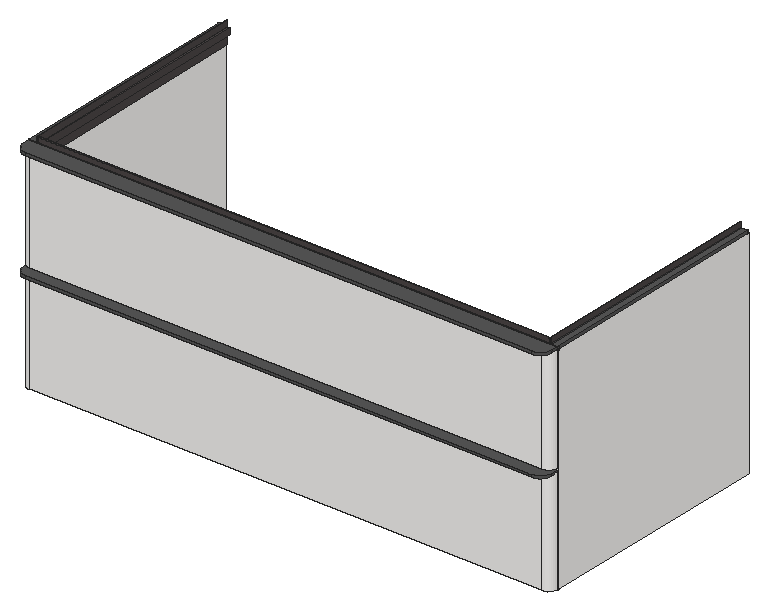
Revit family "vanity unit with 2 drawers for consoles with bowl", category Furniture, Revit 2019 (continued)
  Vanity unit 1180_550 with 2 drawers for consoles with bowl-54084000-Natural Oak-CHROME-400 | "42.7" | no | no | no | no | no | no | no | no | no | no | no | no | no | no | no | no | no | no | no | no | no | no | no | no | no | no | no | no | no | no | no | no | no | no | no | no | no | no | no | no | no | no | no | no | no | no | no | no | no | no | no | no | no | no | no | no | no | no | yes | no | no | no | no | no | no | no | no | no | no | no | no | no | "CHROME" | "https://pro.hansgrohe.com/articledetail--54084000" | "54084XXX" | "Natural Oak" | "Vanity unit 1180/550 with 2 drawers for consoles with bowl-54084000-Natural Oak-CHROME-400" | "Xelu Q Vanity unit Natural Oak 1180/550 with 2 drawers for consoles with bowl" | "Vanity unit 1180/550 with 2 drawers for consoles with bowl-54084000-Natural Oak-CHROME-400" | "{$CADENAS_DATA/23d-libs/hansgrohe/xelu_furniture/vanity_unit_2_drawers_for_consoles_with_bowl/vanity_unit_2_drawers_for_consoles_with_bowl.prj},372 {VTYP=3D},{NB=Vanity unit 1180/550 with 2 drawers for consoles with bowl-54084000-Natural Oak-CHROME-400},{LINA=Vanity unit 1180/550 with 2 drawers for consoles with bowl-54084000-Natural Oak-CHROME-400},{NN=Vanity unit with 2 drawers for consoles with bowl},{DATE=13.03.2023 03:03:55},{GEOMDATE=08.03.2023 13:53:52},{VERSION=},{LINEID=570},{WBVAR=LODLEVEL},{WBNUMERIC=}  {NB=Vanity unit 1180/550 with 2 drawers for consoles with bowl-54084000-Natural Oak-CHROME-400},{LINA=Vanity unit 1180/550 with 2 drawers for consoles with bowl-54084000-Natural Oak-CHROME-400},{KT=DUMMY},{IDNR=33},{ARTNR=54084000},{BASENUMBER=Vanity unit 1180/550 with 2 drawers for consoles with bowl},{MODEL=54084XXX},{OBERFLAECHE=Natural Oak},{SURFACE=CHROME},{L=1180},{LODLEVEL=400},{LODLEVELX='400','400','200','200'},{NAME=Xelu Q Vanity unit Natural Oak 1180/550 with 2 drawers for consoles with bowl},{PERMALINK=54084XXX},{OBJECTTYPE=Object (single object)},{BIMOBJECT=Sanitary: Compound units},{PRODUCTFAMILY=Xelu Q},{PRODUCTGROUP=vanity unit},{WEIGHT=42.7},{DESCRIPTION=Xelu Q Vanity unit Natural Oak 1180/550 with 2 drawers for consoles with bowl},{SPECIFICATION=},{PRODUCTURL=https://pro.hansgrohe.com/articledetail--54084000},{GTINCODE=4059625457030},{TENDERURL=},{IFC=Furnishing element},{ETIM=EC011381 | Bathroom furniture set},{UNICLASS2015=Pr_40_30_78_05 | Bathroom furniture},{OMNICLASS=23-21 19 15 33 13 | Residential Bathroom Specialty Casework},{MASTERFORMAT=12 35 30.23 | Bathroom Casework},{UNSPSC=56 | Furniture and Furnishings},{UNIFORMATII=E2010 | Fixed Furnishings},{DESIGN=Germany},{MANUFACTURER=Germany},{REGIONSET=Worldwide}" | "400" | "Vanity unit 1180/550 with 2 drawers for consoles with bowl-54084000-Natural Oak-CHROME-400" | 1180 | "4059625457030" | "Vanity unit 1180/550 with 2 drawers for consoles with bowl" | "54084000"
  Vanity unit 1180_550 with 2 drawers for consoles with bowl-54084670-Natural Oak-MATT_BLACK-200 | "42.7" | no | no | no | no | no | no | no | no | no | no | no | no | no | no | no | no | no | no | no | no | no | no | no | no | no | no | no | no | no | no | no | no | no | no | no | no | no | no | no | no | no | no | no | no | no | no | no | no | no | no | no | no | no | no | no | no | no | yes | no | no | no | no | no | no | no | no | no | no | no | no | no | no | "MATT_BLACK" | "https://pro.hansgrohe.com/articledetail--54084000" | "54084XXX" | "Natural Oak" | "Vanity unit 1180/550 with 2 drawers for consoles with bowl-54084670-Natural Oak-MATT_BLACK-200" | "Xelu Q Vanity unit Natural Oak 1180/550 with 2 drawers for consoles with bowl" | "Vanity unit 1180/550 with 2 drawers for consoles with bowl-54084670-Natural Oak-MATT_BLACK-200" | "{$CADENAS_DATA/23d-libs/hansgrohe/xelu_furniture/vanity_unit_2_drawers_for_consoles_with_bowl/vanity_unit_2_drawers_for_consoles_with_bowl.prj},380 {VTYP=3D},{NB=Vanity unit 1180/550 with 2 drawers for consoles with bowl-54084670-Natural Oak-MATT_BLACK-200},{LINA=Vanity unit 1180/550 with 2 drawers for consoles with bowl-54084670-Natural Oak-MATT_BLACK-200},{NN=Vanity unit with 2 drawers for consoles with bowl},{DATE=13.03.2023 03:03:55},{GEOMDATE=08.03.2023 13:53:52},{VERSION=},{LINEID=550},{WBVAR=LODLEVEL},{WBNUMERIC=}  {NB=Vanity unit 1180/550 with 2 drawers for consoles with bowl-54084670-Natural Oak-MATT_BLACK-200},{LINA=Vanity unit 1180/550 with 2 drawers for consoles with bowl-54084670-Natural Oak-MATT_BLACK-200},{KT=DUMMY},{IDNR=31},{ARTNR=54084670},{BASENUMBER=Vanity unit 1180/550 with 2 drawers for consoles with bowl},{MODEL=54084XXX},{OBERFLAECHE=Natural Oak},{SURFACE=MATT_BLACK},{L=1180},{LODLEVEL=200},{LODLEVELX='400','400','200','200'},{NAME=Xelu Q Vanity unit Natural Oak 1180/550 with 2 drawers for consoles with bowl},{PERMALINK=54084XXX},{OBJECTTYPE=Object (single object)},{BIMOBJECT=Sanitary: Compound units},{PRODUCTFAMILY=Xelu Q},{PRODUCTGROUP=vanity unit},{WEIGHT=42.7},{DESCRIPTION=Xelu Q Vanity unit Natural Oak 1180/550 with 2 drawers for consoles with bowl},{SPECIFICATION=},{PRODUCTURL=https://pro.hansgrohe.com/articledetail--54084000},{GTINCODE=4059625457030},{TENDERURL=},{IFC=Furnishing element},{ETIM=EC011381 | Bathroom furniture set},{UNICLASS2015=Pr_40_30_78_05 | Bathroom furniture},{OMNICLASS=23-21 19 15 33 13 | Residential Bathroom Specialty Casework},{MASTERFORMAT=12 35 30.23 | Bathroom Casework},{UNSPSC=56 | Furniture and Furnishings},{UNIFORMATII=E2010 | Fixed Furnishings},{DESIGN=Germany},{MANUFACTURER=Germany},{REGIONSET=Worldwide}" | "200" | "Vanity unit 1180/550 with 2 drawers for consoles with bowl-54084670-Natural Oak-MATT_BLACK-200" | 1180 | "4059625457030" | "Vanity unit 1180/550 with 2 drawers for consoles with bowl" | "54084670"
  Vanity unit 1180_550 with 2 drawers for consoles with bowl-54084670-Natural Oak-MATT_BLACK-400 | "42.7" | no | no | no | no | no | no | no | no | no | no | no | no | no | no | no | no | no | no | no | no | no | no | no | no | no | no | no | no | no | no | no | no | no | no | no | no | no | no | no | no | no | no | no | no | no | no | no | no | no | no | no | no | no | no | no | no | yes | no | no | no | no | no | no | no | no | no | no | no | no | no | no | no | "MATT_BLACK" | "https://pro.hansgrohe.com/articledetail--54084000" | "54084XXX" | "Natural Oak" | "Vanity unit 1180/550 with 2 drawers for consoles with bowl-54084670-Natural Oak-MATT_BLACK-400" | "Xelu Q Vanity unit Natural Oak 1180/550 with 2 drawers for consoles with bowl" | "Vanity unit 1180/550 with 2 drawers for consoles with bowl-54084670-Natural Oak-MATT_BLACK-400" | "{$CADENAS_DATA/23d-libs/hansgrohe/xelu_furniture/vanity_unit_2_drawers_for_consoles_with_bowl/vanity_unit_2_drawers_for_consoles_with_bowl.prj},380 {VTYP=3D},{NB=Vanity unit 1180/550 with 2 drawers for consoles with bowl-54084670-Natural Oak-MATT_BLACK-400},{LINA=Vanity unit 1180/550 with 2 drawers for consoles with bowl-54084670-Natural Oak-MATT_BLACK-400},{NN=Vanity unit with 2 drawers for consoles with bowl},{DATE=13.03.2023 03:03:55},{GEOMDATE=08.03.2023 13:53:52},{VERSION=},{LINEID=550},{WBVAR=LODLEVEL},{WBNUMERIC=}  {NB=Vanity unit 1180/550 with 2 drawers for consoles with bowl-54084670-Natural Oak-MATT_BLACK-400},{LINA=Vanity unit 1180/550 with 2 drawers for consoles with bowl-54084670-Natural Oak-MATT_BLACK-400},{KT=DUMMY},{IDNR=31},{ARTNR=54084670},{BASENUMBER=Vanity unit 1180/550 with 2 drawers for consoles with bowl},{MODEL=54084XXX},{OBERFLAECHE=Natural Oak},{SURFACE=MATT_BLACK},{L=1180},{LODLEVEL=400},{LODLEVELX='400','400','200','200'},{NAME=Xelu Q Vanity unit Natural Oak 1180/550 with 2 drawers for consoles with bowl},{PERMALINK=54084XXX},{OBJECTTYPE=Object (single object)},{BIMOBJECT=Sanitary: Compound units},{PRODUCTFAMILY=Xelu Q},{PRODUCTGROUP=vanity unit},{WEIGHT=42.7},{DESCRIPTION=Xelu Q Vanity unit Natural Oak 1180/550 with 2 drawers for consoles with bowl},{SPECIFICATION=},{PRODUCTURL=https://pro.hansgrohe.com/articledetail--54084000},{GTINCODE=4059625457030},{TENDERURL=},{IFC=Furnishing element},{ETIM=EC011381 | Bathroom furniture set},{UNICLASS2015=Pr_40_30_78_05 | Bathroom furniture},{OMNICLASS=23-21 19 15 33 13 | Residential Bathroom Specialty Casework},{MASTERFORMAT=12 35 30.23 | Bathroom Casework},{UNSPSC=56 | Furniture and Furnishings},{UNIFORMATII=E2010 | Fixed Furnishings},{DESIGN=Germany},{MANUFACTURER=Germany},{REGIONSET=Worldwide}" | "400" | "Vanity unit 1180/550 with 2 drawers for consoles with bowl-54084670-Natural Oak-MATT_BLACK-400" | 1180 | "4059625457030" | "Vanity unit 1180/550 with 2 drawers for consoles with bowl" | "54084670"
  Vanity unit 1180_550 with 2 drawers for consoles with bowl-54084700-Natural Oak-MATT_WHITE-200 | "42.7" | no | no | no | no | no | no | no | no | no | no | no | no | no | no | no | no | no | no | no | no | no | no | no | no | no | no | no | no | no | no | no | no | no | no | no | no | no | no | no | no | no | no | no | no | no | no | no | no | no | no | no | no | no | no | no | yes | no | no | no | no | no | no | no | no | no | no | no | no | no | no | no | no | "MATT_WHITE" | "https://pro.hansgrohe.com/articledetail--54084000" | "54084XXX" | "Natural Oak" | "Vanity unit 1180/550 with 2 drawers for consoles with bowl-54084700-Natural Oak-MATT_WHITE-200" | "Xelu Q Vanity unit Natural Oak 1180/550 with 2 drawers for consoles with bowl" | "Vanity unit 1180/550 with 2 drawers for consoles with bowl-54084700-Natural Oak-MATT_WHITE-200" | "{$CADENAS_DATA/23d-libs/hansgrohe/xelu_furniture/vanity_unit_2_drawers_for_consoles_with_bowl/vanity_unit_2_drawers_for_consoles_with_bowl.prj},380 {VTYP=3D},{NB=Vanity unit 1180/550 with 2 drawers for consoles with bowl-54084700-Natural Oak-MATT_WHITE-200},{LINA=Vanity unit 1180/550 with 2 drawers for consoles with bowl-54084700-Natural Oak-MATT_WHITE-200},{NN=Vanity unit with 2 drawers for consoles with bowl},{DATE=13.03.2023 03:03:55},{GEOMDATE=08.03.2023 13:53:52},{VERSION=},{LINEID=560},{WBVAR=LODLEVEL},{WBNUMERIC=}  {NB=Vanity unit 1180/550 with 2 drawers for consoles with bowl-54084700-Natural Oak-MATT_WHITE-200},{LINA=Vanity unit 1180/550 with 2 drawers for consoles with bowl-54084700-Natural Oak-MATT_WHITE-200},{KT=DUMMY},{IDNR=32},{ARTNR=54084700},{BASENUMBER=Vanity unit 1180/550 with 2 drawers for consoles with bowl},{MODEL=54084XXX},{OBERFLAECHE=Natural Oak},{SURFACE=MATT_WHITE},{L=1180},{LODLEVEL=200},{LODLEVELX='400','400','200','200'},{NAME=Xelu Q Vanity unit Natural Oak 1180/550 with 2 drawers for consoles with bowl},{PERMALINK=54084XXX},{OBJECTTYPE=Object (single object)},{BIMOBJECT=Sanitary: Compound units},{PRODUCTFAMILY=Xelu Q},{PRODUCTGROUP=vanity unit},{WEIGHT=42.7},{DESCRIPTION=Xelu Q Vanity unit Natural Oak 1180/550 with 2 drawers for consoles with bowl},{SPECIFICATION=},{PRODUCTURL=https://pro.hansgrohe.com/articledetail--54084000},{GTINCODE=4059625457030},{TENDERURL=},{IFC=Furnishing element},{ETIM=EC011381 | Bathroom furniture set},{UNICLASS2015=Pr_40_30_78_05 | Bathroom furniture},{OMNICLASS=23-21 19 15 33 13 | Residential Bathroom Specialty Casework},{MASTERFORMAT=12 35 30.23 | Bathroom Casework},{UNSPSC=56 | Furniture and Furnishings},{UNIFORMATII=E2010 | Fixed Furnishings},{DESIGN=Germany},{MANUFACTURER=Germany},{REGIONSET=Worldwide}" | "200" | "Vanity unit 1180/550 with 2 drawers for consoles with bowl-54084700-Natural Oak-MATT_WHITE-200" | 1180 | "4059625457030" | "Vanity unit 1180/550 with 2 drawers for consoles with bowl" | "54084700"
  Vanity unit 1180_550 with 2 drawers for consoles with bowl-54084700-Natural Oak-MATT_WHITE-400 | "42.7" | no | no | no | no | no | no | no | no | no | no | no | no | no | no | no | no | no | no | no | no | no | no | no | no | no | no | no | no | no | no | no | no | no | no | no | no | no | no | no | no | no | no | no | no | no | no | no | no | no | no | no | no | no | no | yes | no | no | no | no | no | no | no | no | no | no | no | no | no | no | no | no | no | "MATT_WHITE" | "https://pro.hansgrohe.com/articledetail--54084000" | "54084XXX" | "Natural Oak" | "Vanity unit 1180/550 with 2 drawers for consoles with bowl-54084700-Natural Oak-MATT_WHITE-400" | "Xelu Q Vanity unit Natural Oak 1180/550 with 2 drawers for consoles with bowl" | "Vanity unit 1180/550 with 2 drawers for consoles with bowl-54084700-Natural Oak-MATT_WHITE-400" | "{$CADENAS_DATA/23d-libs/hansgrohe/xelu_furniture/vanity_unit_2_drawers_for_consoles_with_bowl/vanity_unit_2_drawers_for_consoles_with_bowl.prj},380 {VTYP=3D},{NB=Vanity unit 1180/550 with 2 drawers for consoles with bowl-54084700-Natural Oak-MATT_WHITE-400},{LINA=Vanity unit 1180/550 with 2 drawers for consoles with bowl-54084700-Natural Oak-MATT_WHITE-400},{NN=Vanity unit with 2 drawers for consoles with bowl},{DATE=13.03.2023 03:03:55},{GEOMDATE=08.03.2023 13:53:52},{VERSION=},{LINEID=560},{WBVAR=LODLEVEL},{WBNUMERIC=}  {NB=Vanity unit 1180/550 with 2 drawers for consoles with bowl-54084700-Natural Oak-MATT_WHITE-400},{LINA=Vanity unit 1180/550 with 2 drawers for consoles with bowl-54084700-Natural Oak-MATT_WHITE-400},{KT=DUMMY},{IDNR=32},{ARTNR=54084700},{BASENUMBER=Vanity unit 1180/550 with 2 drawers for consoles with bowl},{MODEL=54084XXX},{OBERFLAECHE=Natural Oak},{SURFACE=MATT_WHITE},{L=1180},{LODLEVEL=400},{LODLEVELX='400','400','200','200'},{NAME=Xelu Q Vanity unit Natural Oak 1180/550 with 2 drawers for consoles with bowl},{PERMALINK=54084XXX},{OBJECTTYPE=Object (single object)},{BIMOBJECT=Sanitary: Compound units},{PRODUCTFAMILY=Xelu Q},{PRODUCTGROUP=vanity unit},{WEIGHT=42.7},{DESCRIPTION=Xelu Q Vanity unit Natural Oak 1180/550 with 2 drawers for consoles with bowl},{SPECIFICATION=},{PRODUCTURL=https://pro.hansgrohe.com/articledetail--54084000},{GTINCODE=4059625457030},{TENDERURL=},{IFC=Furnishing element},{ETIM=EC011381 | Bathroom furniture set},{UNICLASS2015=Pr_40_30_78_05 | Bathroom furniture},{OMNICLASS=23-21 19 15 33 13 | Residential Bathroom Specialty Casework},{MASTERFORMAT=12 35 30.23 | Bathroom Casework},{UNSPSC=56 | Furniture and Furnishings},{UNIFORMATII=E2010 | Fixed Furnishings},{DESIGN=Germany},{MANUFACTURER=Germany},{REGIONSET=Worldwide}" | "400" | "Vanity unit 1180/550 with 2 drawers for consoles with bowl-54084700-Natural Oak-MATT_WHITE-400" | 1180 | "4059625457030" | "Vanity unit 1180/550 with 2 drawers for consoles with bowl" | "54084700"
  Vanity unit 1180_550 with 2 drawers for consoles with bowl-54085000-Dark Walnut-CHROME-200 | "42.7" | no | no | no | no | no | no | no | no | no | no | no | no | no | no | no | no | no | no | no | no | no | no | no | no | no | no | no | no | no | no | no | no | no | no | no | no | no | no | no | no | no | no | no | no | no | no | no | no | no | no | no | no | no | yes | no | no | no | no | no | no | no | no | no | no | no | no | no | no | no | no | no | no | "CHROME" | "https://pro.hansgrohe.com/articledetail--54085000" | "54085XXX" | "Dark Walnut" | "Vanity unit 1180/550 with 2 drawers for consoles with bowl-54085000-Dark Walnut-CHROME-200" | "Xelu Q Vanity unit Dark Walnut 1180/550 with 2 drawers for consoles with bowl" | "Vanity unit 1180/550 with 2 drawers for consoles with bowl-54085000-Dark Walnut-CHROME-200" | "{$CADENAS_DATA/23d-libs/hansgrohe/xelu_furniture/vanity_unit_2_drawers_for_consoles_with_bowl/vanity_unit_2_drawers_for_consoles_with_bowl.prj},372 {VTYP=3D},{NB=Vanity unit 1180/550 with 2 drawers for consoles with bowl-54085000-Dark Walnut-CHROME-200},{LINA=Vanity unit 1180/550 with 2 drawers for consoles with bowl-54085000-Dark Walnut-CHROME-200},{NN=Vanity unit with 2 drawers for consoles with bowl},{DATE=13.03.2023 03:03:55},{GEOMDATE=08.03.2023 13:53:52},{VERSION=},{LINEID=580},{WBVAR=LODLEVEL},{WBNUMERIC=}  {NB=Vanity unit 1180/550 with 2 drawers for consoles with bowl-54085000-Dark Walnut-CHROME-200},{LINA=Vanity unit 1180/550 with 2 drawers for consoles with bowl-54085000-Dark Walnut-CHROME-200},{KT=DUMMY},{IDNR=34},{ARTNR=54085000},{BASENUMBER=Vanity unit 1180/550 with 2 drawers for consoles with bowl},{MODEL=54085XXX},{OBERFLAECHE=Dark Walnut},{SURFACE=CHROME},{L=1180},{LODLEVEL=200},{LODLEVELX='400','400','200','200'},{NAME=Xelu Q Vanity unit Dark Walnut 1180/550 with 2 drawers for consoles with bowl},{PERMALINK=54085XXX},{OBJECTTYPE=Object (single object)},{BIMOBJECT=Sanitary: Compound units},{PRODUCTFAMILY=Xelu Q},{PRODUCTGROUP=vanity unit},{WEIGHT=42.7},{DESCRIPTION=Xelu Q Vanity unit Dark Walnut 1180/550 with 2 drawers for consoles with bowl},{SPECIFICATION=},{PRODUCTURL=https://pro.hansgrohe.com/articledetail--54085000},{GTINCODE=4059625457009},{TENDERURL=},{IFC=Furnishing element},{ETIM=EC011381 | Bathroom furniture set},{UNICLASS2015=Pr_40_30_78_05 | Bathroom furniture},{OMNICLASS=23-21 19 15 33 13 | Residential Bathroom Specialty Casework},{MASTERFORMAT=12 35 30.23 | Bathroom Casework},{UNSPSC=56 | Furniture and Furnishings},{UNIFORMATII=E2010 | Fixed Furnishings},{DESIGN=Germany},{MANUFACTURER=Germany},{REGIONSET=Worldwide}" | "200" | "Vanity unit 1180/550 with 2 drawers for consoles with bowl-54085000-Dark Walnut-CHROME-200" | 1180 | "4059625457009" | "Vanity unit 1180/550 with 2 drawers for consoles with bowl" | "54085000"
  Vanity unit 1180_550 with 2 drawers for consoles with bowl-54085000-Dark Walnut-CHROME-400 | "42.7" | no | no | no | no | no | no | no | no | no | no | no | no | no | no | no | no | no | no | no | no | no | no | no | no | no | no | no | no | no | no | no | no | no | no | no | no | no | no | no | no | no | no | no | no | no | no | no | no | no | no | no | no | yes | no | no | no | no | no | no | no | no | no | no | no | no | no | no | no | no | no | no | no | "CHROME" | "https://pro.hansgrohe.com/articledetail--54085000" | "54085XXX" | "Dark Walnut" | "Vanity unit 1180/550 with 2 drawers for consoles with bowl-54085000-Dark Walnut-CHROME-400" | "Xelu Q Vanity unit Dark Walnut 1180/550 with 2 drawers for consoles with bowl" | "Vanity unit 1180/550 with 2 drawers for consoles with bowl-54085000-Dark Walnut-CHROME-400" | "{$CADENAS_DATA/23d-libs/hansgrohe/xelu_furniture/vanity_unit_2_drawers_for_consoles_with_bowl/vanity_unit_2_drawers_for_consoles_with_bowl.prj},372 {VTYP=3D},{NB=Vanity unit 1180/550 with 2 drawers for consoles with bowl-54085000-Dark Walnut-CHROME-400},{LINA=Vanity unit 1180/550 with 2 drawers for consoles with bowl-54085000-Dark Walnut-CHROME-400},{NN=Vanity unit with 2 drawers for consoles with bowl},{DATE=13.03.2023 03:03:55},{GEOMDATE=08.03.2023 13:53:52},{VERSION=},{LINEID=580},{WBVAR=LODLEVEL},{WBNUMERIC=}  {NB=Vanity unit 1180/550 with 2 drawers for consoles with bowl-54085000-Dark Walnut-CHROME-400},{LINA=Vanity unit 1180/550 with 2 drawers for consoles with bowl-54085000-Dark Walnut-CHROME-400},{KT=DUMMY},{IDNR=34},{ARTNR=54085000},{BASENUMBER=Vanity unit 1180/550 with 2 drawers for consoles with bowl},{MODEL=54085XXX},{OBERFLAECHE=Dark Walnut},{SURFACE=CHROME},{L=1180},{LODLEVEL=400},{LODLEVELX='400','400','200','200'},{NAME=Xelu Q Vanity unit Dark Walnut 1180/550 with 2 drawers for consoles with bowl},{PERMALINK=54085XXX},{OBJECTTYPE=Object (single object)},{BIMOBJECT=Sanitary: Compound units},{PRODUCTFAMILY=Xelu Q},{PRODUCTGROUP=vanity unit},{WEIGHT=42.7},{DESCRIPTION=Xelu Q Vanity unit Dark Walnut 1180/550 with 2 drawers for consoles with bowl},{SPECIFICATION=},{PRODUCTURL=https://pro.hansgrohe.com/articledetail--54085000},{GTINCODE=4059625457009},{TENDERURL=},{IFC=Furnishing element},{ETIM=EC011381 | Bathroom furniture set},{UNICLASS2015=Pr_40_30_78_05 | Bathroom furniture},{OMNICLASS=23-21 19 15 33 13 | Residential Bathroom Specialty Casework},{MASTERFORMAT=12 35 30.23 | Bathroom Casework},{UNSPSC=56 | Furniture and Furnishings},{UNIFORMATII=E2010 | Fixed Furnishings},{DESIGN=Germany},{MANUFACTURER=Germany},{REGIONSET=Worldwide}" | "400" | "Vanity unit 1180/550 with 2 drawers for consoles with bowl-54085000-Dark Walnut-CHROME-400" | 1180 | "4059625457009" | "Vanity unit 1180/550 with 2 drawers for consoles with bowl" | "54085000"
  Vanity unit 1180_550 with 2 drawers for consoles with bowl-54085670-Dark Walnut-MATT_BLACK-200 | "42.7" | no | no | no | no | no | no | no | no | no | no | no | no | no | no | no | no | no | no | no | no | no | no | no | no | no | no | no | no | no | no | no | no | no | no | no | no | no | no | no | no | no | no | no | no | no | no | no | no | no | no | no | yes | no | no | no | no | no | no | no | no | no | no | no | no | no | no | no | no | no | no | no | no | "MATT_BLACK" | "https://pro.hansgrohe.com/articledetail--54085000" | "54085XXX" | "Dark Walnut" | "Vanity unit 1180/550 with 2 drawers for consoles with bowl-54085670-Dark Walnut-MATT_BLACK-200" | "Xelu Q Vanity unit Dark Walnut 1180/550 with 2 drawers for consoles with bowl" | "Vanity unit 1180/550 with 2 drawers for consoles with bowl-54085670-Dark Walnut-MATT_BLACK-200" | "{$CADENAS_DATA/23d-libs/hansgrohe/xelu_furniture/vanity_unit_2_drawers_for_consoles_with_bowl/vanity_unit_2_drawers_for_consoles_with_bowl.prj},380 {VTYP=3D},{NB=Vanity unit 1180/550 with 2 drawers for consoles with bowl-54085670-Dark Walnut-MATT_BLACK-200},{LINA=Vanity unit 1180/550 with 2 drawers for consoles with bowl-54085670-Dark Walnut-MATT_BLACK-200},{NN=Vanity unit with 2 drawers for consoles with bowl},{DATE=13.03.2023 03:03:55},{GEOMDATE=08.03.2023 13:53:52},{VERSION=},{LINEID=590},{WBVAR=LODLEVEL},{WBNUMERIC=}  {NB=Vanity unit 1180/550 with 2 drawers for consoles with bowl-54085670-Dark Walnut-MATT_BLACK-200},{LINA=Vanity unit 1180/550 with 2 drawers for consoles with bowl-54085670-Dark Walnut-MATT_BLACK-200},{KT=DUMMY},{IDNR=35},{ARTNR=54085670},{BASENUMBER=Vanity unit 1180/550 with 2 drawers for consoles with bowl},{MODEL=54085XXX},{OBERFLAECHE=Dark Walnut},{SURFACE=MATT_BLACK},{L=1180},{LODLEVEL=200},{LODLEVELX='400','400','200','200'},{NAME=Xelu Q Vanity unit Dark Walnut 1180/550 with 2 drawers for consoles with bowl},{PERMALINK=54085XXX},{OBJECTTYPE=Object (single object)},{BIMOBJECT=Sanitary: Compound units},{PRODUCTFAMILY=Xelu Q},{PRODUCTGROUP=vanity unit},{WEIGHT=42.7},{DESCRIPTION=Xelu Q Vanity unit Dark Walnut 1180/550 with 2 drawers for consoles with bowl},{SPECIFICATION=},{PRODUCTURL=https://pro.hansgrohe.com/articledetail--54085000},{GTINCODE=4059625457009},{TENDERURL=},{IFC=Furnishing element},{ETIM=EC011381 | Bathroom furniture set},{UNICLASS2015=Pr_40_30_78_05 | Bathroom furniture},{OMNICLASS=23-21 19 15 33 13 | Residential Bathroom Specialty Casework},{MASTERFORMAT=12 35 30.23 | Bathroom Casework},{UNSPSC=56 | Furniture and Furnishings},{UNIFORMATII=E2010 | Fixed Furnishings},{DESIGN=Germany},{MANUFACTURER=Germany},{REGIONSET=Worldwide}" | "200" | "Vanity unit 1180/550 with 2 drawers for consoles with bowl-54085670-Dark Walnut-MATT_BLACK-200" | 1180 | "4059625457009" | "Vanity unit 1180/550 with 2 drawers for consoles with bowl" | "54085670"
  Vanity unit 1180_550 with 2 drawers for consoles with bowl-54085670-Dark Walnut-MATT_BLACK-400 | "42.7" | no | no | no | no | no | no | no | no | no | no | no | no | no | no | no | no | no | no | no | no | no | no | no | no | no | no | no | no | no | no | no | no | no | no | no | no | no | no | no | no | no | no | no | no | no | no | no | no | no | no | yes | no | no | no | no | no | no | no | no | no | no | no | no | no | no | no | no | no | no | no | no | no | "MATT_BLACK" | "https://pro.hansgrohe.com/articledetail--54085000" | "54085XXX" | "Dark Walnut" | "Vanity unit 1180/550 with 2 drawers for consoles with bowl-54085670-Dark Walnut-MATT_BLACK-400" | "Xelu Q Vanity unit Dark Walnut 1180/550 with 2 drawers for consoles with bowl" | "Vanity unit 1180/550 with 2 drawers for consoles with bowl-54085670-Dark Walnut-MATT_BLACK-400" | "{$CADENAS_DATA/23d-libs/hansgrohe/xelu_furniture/vanity_unit_2_drawers_for_consoles_with_bowl/vanity_unit_2_drawers_for_consoles_with_bowl.prj},380 {VTYP=3D},{NB=Vanity unit 1180/550 with 2 drawers for consoles with bowl-54085670-Dark Walnut-MATT_BLACK-400},{LINA=Vanity unit 1180/550 with 2 drawers for consoles with bowl-54085670-Dark Walnut-MATT_BLACK-400},{NN=Vanity unit with 2 drawers for consoles with bowl},{DATE=13.03.2023 03:03:55},{GEOMDATE=08.03.2023 13:53:52},{VERSION=},{LINEID=590},{WBVAR=LODLEVEL},{WBNUMERIC=}  {NB=Vanity unit 1180/550 with 2 drawers for consoles with bowl-54085670-Dark Walnut-MATT_BLACK-400},{LINA=Vanity unit 1180/550 with 2 drawers for consoles with bowl-54085670-Dark Walnut-MATT_BLACK-400},{KT=DUMMY},{IDNR=35},{ARTNR=54085670},{BASENUMBER=Vanity unit 1180/550 with 2 drawers for consoles with bowl},{MODEL=54085XXX},{OBERFLAECHE=Dark Walnut},{SURFACE=MATT_BLACK},{L=1180},{LODLEVEL=400},{LODLEVELX='400','400','200','200'},{NAME=Xelu Q Vanity unit Dark Walnut 1180/550 with 2 drawers for consoles with bowl},{PERMALINK=54085XXX},{OBJECTTYPE=Object (single object)},{BIMOBJECT=Sanitary: Compound units},{PRODUCTFAMILY=Xelu Q},{PRODUCTGROUP=vanity unit},{WEIGHT=42.7},{DESCRIPTION=Xelu Q Vanity unit Dark Walnut 1180/550 with 2 drawers for consoles with bowl},{SPECIFICATION=},{PRODUCTURL=https://pro.hansgrohe.com/articledetail--54085000},{GTINCODE=4059625457009},{TENDERURL=},{IFC=Furnishing element},{ETIM=EC011381 | Bathroom furniture set},{UNICLASS2015=Pr_40_30_78_05 | Bathroom furniture},{OMNICLASS=23-21 19 15 33 13 | Residential Bathroom Specialty Casework},{MASTERFORMAT=12 35 30.23 | Bathroom Casework},{UNSPSC=56 | Furniture and Furnishings},{UNIFORMATII=E2010 | Fixed Furnishings},{DESIGN=Germany},{MANUFACTURER=Germany},{REGIONSET=Worldwide}" | "400" | "Vanity unit 1180/550 with 2 drawers for consoles with bowl-54085670-Dark Walnut-MATT_BLACK-400" | 1180 | "4059625457009" | "Vanity unit 1180/550 with 2 drawers for consoles with bowl" | "54085670"
  Vanity unit 1180_550 with 2 drawers for consoles with bowl-54085700-Dark Walnut-MATT_WHITE-200 | "42.7" | no | no | no | no | no | no | no | no | no | no | no | no | no | no | no | no | no | no | no | no | no | no | no | no | no | no | no | no | no | no | no | no | no | no | no | no | no | no | no | no | no | no | no | no | no | no | no | no | no | yes | no | no | no | no | no | no | no | no | no | no | no | no | no | no | no | no | no | no | no | no | no | no | "MATT_WHITE" | "https://pro.hansgrohe.com/articledetail--54085000" | "54085XXX" | "Dark Walnut" | "Vanity unit 1180/550 with 2 drawers for consoles with bowl-54085700-Dark Walnut-MATT_WHITE-200" | "Xelu Q Vanity unit Dark Walnut 1180/550 with 2 drawers for consoles with bowl" | "Vanity unit 1180/550 with 2 drawers for consoles with bowl-54085700-Dark Walnut-MATT_WHITE-200" | "{$CADENAS_DATA/23d-libs/hansgrohe/xelu_furniture/vanity_unit_2_drawers_for_consoles_with_bowl/vanity_unit_2_drawers_for_consoles_with_bowl.prj},380 {VTYP=3D},{NB=Vanity unit 1180/550 with 2 drawers for consoles with bowl-54085700-Dark Walnut-MATT_WHITE-200},{LINA=Vanity unit 1180/550 with 2 drawers for consoles with bowl-54085700-Dark Walnut-MATT_WHITE-200},{NN=Vanity unit with 2 drawers for consoles with bowl},{DATE=13.03.2023 03:03:55},{GEOMDATE=08.03.2023 13:53:52},{VERSION=},{LINEID=600},{WBVAR=LODLEVEL},{WBNUMERIC=}  {NB=Vanity unit 1180/550 with 2 drawers for consoles with bowl-54085700-Dark Walnut-MATT_WHITE-200},{LINA=Vanity unit 1180/550 with 2 drawers for consoles with bowl-54085700-Dark Walnut-MATT_WHITE-200},{KT=DUMMY},{IDNR=36},{ARTNR=54085700},{BASENUMBER=Vanity unit 1180/550 with 2 drawers for consoles with bowl},{MODEL=54085XXX},{OBERFLAECHE=Dark Walnut},{SURFACE=MATT_WHITE},{L=1180},{LODLEVEL=200},{LODLEVELX='400','400','200','200'},{NAME=Xelu Q Vanity unit Dark Walnut 1180/550 with 2 drawers for consoles with bowl},{PERMALINK=54085XXX},{OBJECTTYPE=Object (single object)},{BIMOBJECT=Sanitary: Compound units},{PRODUCTFAMILY=Xelu Q},{PRODUCTGROUP=vanity unit},{WEIGHT=42.7},{DESCRIPTION=Xelu Q Vanity unit Dark Walnut 1180/550 with 2 drawers for consoles with bowl},{SPECIFICATION=},{PRODUCTURL=https://pro.hansgrohe.com/articledetail--54085000},{GTINCODE=4059625457009},{TENDERURL=},{IFC=Furnishing element},{ETIM=EC011381 | Bathroom furniture set},{UNICLASS2015=Pr_40_30_78_05 | Bathroom furniture},{OMNICLASS=23-21 19 15 33 13 | Residential Bathroom Specialty Casework},{MASTERFORMAT=12 35 30.23 | Bathroom Casework},{UNSPSC=56 | Furniture and Furnishings},{UNIFORMATII=E2010 | Fixed Furnishings},{DESIGN=Germany},{MANUFACTURER=Germany},{REGIONSET=Worldwide}" | "200" | "Vanity unit 1180/550 with 2 drawers for consoles with bowl-54085700-Dark Walnut-MATT_WHITE-200" | 1180 | "4059625457009" | "Vanity unit 1180/550 with 2 drawers for consoles with bowl" | "54085700"
  Vanity unit 1180_550 with 2 drawers for consoles with bowl-54085700-Dark Walnut-MATT_WHITE-400 | "42.7" | no | no | no | no | no | no | no | no | no | no | no | no | no | no | no | no | no | no | no | no | no | no | no | no | no | no | no | no | no | no | no | no | no | no | no | no | no | no | no | no | no | no | no | no | no | no | no | no | yes | no | no | no | no | no | no | no | no | no | no | no | no | no | no | no | no | no | no | no | no | no | no | no | "MATT_WHITE" | "https://pro.hansgrohe.com/articledetail--54085000" | "54085XXX" | "Dark Walnut" | "Vanity unit 1180/550 with 2 drawers for consoles with bowl-54085700-Dark Walnut-MATT_WHITE-400" | "Xelu Q Vanity unit Dark Walnut 1180/550 with 2 drawers for consoles with bowl" | "Vanity unit 1180/550 with 2 drawers for consoles with bowl-54085700-Dark Walnut-MATT_WHITE-400" | "{$CADENAS_DATA/23d-libs/hansgrohe/xelu_furniture/vanity_unit_2_drawers_for_consoles_with_bowl/vanity_unit_2_drawers_for_consoles_with_bowl.prj},380 {VTYP=3D},{NB=Vanity unit 1180/550 with 2 drawers for consoles with bowl-54085700-Dark Walnut-MATT_WHITE-400},{LINA=Vanity unit 1180/550 with 2 drawers for consoles with bowl-54085700-Dark Walnut-MATT_WHITE-400},{NN=Vanity unit with 2 drawers for consoles with bowl},{DATE=13.03.2023 03:03:55},{GEOMDATE=08.03.2023 13:53:52},{VERSION=},{LINEID=600},{WBVAR=LODLEVEL},{WBNUMERIC=}  {NB=Vanity unit 1180/550 with 2 drawers for consoles with bowl-54085700-Dark Walnut-MATT_WHITE-400},{LINA=Vanity unit 1180/550 with 2 drawers for consoles with bowl-54085700-Dark Walnut-MATT_WHITE-400},{KT=DUMMY},{IDNR=36},{ARTNR=54085700},{BASENUMBER=Vanity unit 1180/550 with 2 drawers for consoles with bowl},{MODEL=54085XXX},{OBERFLAECHE=Dark Walnut},{SURFACE=MATT_WHITE},{L=1180},{LODLEVEL=400},{LODLEVELX='400','400','200','200'},{NAME=Xelu Q Vanity unit Dark Walnut 1180/550 with 2 drawers for consoles with bowl},{PERMALINK=54085XXX},{OBJECTTYPE=Object (single object)},{BIMOBJECT=Sanitary: Compound units},{PRODUCTFAMILY=Xelu Q},{PRODUCTGROUP=vanity unit},{WEIGHT=42.7},{DESCRIPTION=Xelu Q Vanity unit Dark Walnut 1180/550 with 2 drawers for consoles with bowl},{SPECIFICATION=},{PRODUCTURL=https://pro.hansgrohe.com/articledetail--54085000},{GTINCODE=4059625457009},{TENDERURL=},{IFC=Furnishing element},{ETIM=EC011381 | Bathroom furniture set},{UNICLASS2015=Pr_40_30_78_05 | Bathroom furniture},{OMNICLASS=23-21 19 15 33 13 | Residential Bathroom Specialty Casework},{MASTERFORMAT=12 35 30.23 | Bathroom Casework},{UNSPSC=56 | Furniture and Furnishings},{UNIFORMATII=E2010 | Fixed Furnishings},{DESIGN=Germany},{MANUFACTURER=Germany},{REGIONSET=Worldwide}" | "400" | "Vanity unit 1180/550 with 2 drawers for consoles with bowl-54085700-Dark Walnut-MATT_WHITE-400" | 1180 | "4059625457009" | "Vanity unit 1180/550 with 2 drawers for consoles with bowl" | "54085700"
  Vanity unit 780_550 with 2 drawers for consoles with bowl-54074000-High Gloss White-CHROME-200 | "31.3" | no | no | no | no | no | no | no | no | no | no | no | no | no | no | no | no | no | no | no | no | no | no | no | no | no | no | no | no | no | no | no | no | no | no | no | no | no | no | no | no | no | no | no | no | no | no | no | yes | no | no | no | no | no | no | no | no | no | no | no | no | no | no | no | no | no | no | no | no | no | no | no | no | "CHROME" | "https://pro.hansgrohe.com/articledetail--54074000" | "54074XXX" | "High Gloss White" | "Vanity unit 780/550 with 2 drawers for consoles with bowl-54074000-High Gloss White-CHROME-200" | "Xelu Q Vanity unit High Gloss White 780/550 with 2 drawers for consoles with bowl" | "Vanity unit 780/550 with 2 drawers for consoles with bowl-54074000-High Gloss White-CHROME-200" | "{$CADENAS_DATA/23d-libs/hansgrohe/xelu_furniture/vanity_unit_2_drawers_for_consoles_with_bowl/vanity_unit_2_drawers_for_consoles_with_bowl.prj},380 {VTYP=3D},{NB=Vanity unit 780/550 with 2 drawers for consoles with bowl-54074000-High Gloss White-CHROME-200},{LINA=Vanity unit 780/550 with 2 drawers for consoles with bowl-54074000-High Gloss White-CHROME-200},{NN=Vanity unit with 2 drawers for consoles with bowl},{DATE=13.03.2023 03:03:55},{GEOMDATE=08.03.2023 13:53:52},{VERSION=},{LINEID=270},{WBVAR=LODLEVEL},{WBNUMERIC=}  {NB=Vanity unit 780/550 with 2 drawers for consoles with bowl-54074000-High Gloss White-CHROME-200},{LINA=Vanity unit 780/550 with 2 drawers for consoles with bowl-54074000-High Gloss White-CHROME-200},{KT=DUMMY},{IDNR=3},{ARTNR=54074000},{BASENUMBER=Vanity unit 780/550 with 2 drawers for consoles with bowl},{MODEL=54074XXX},{OBERFLAECHE=High Gloss White},{SURFACE=CHROME},{L=780},{LODLEVEL=200},{LODLEVELX='400','400','200','200'},{NAME=Xelu Q Vanity unit High Gloss White 780/550 with 2 drawers for consoles with bowl},{PERMALINK=54074XXX},{OBJECTTYPE=Object (single object)},{BIMOBJECT=Sanitary: Compound units},{PRODUCTFAMILY=Xelu Q},{PRODUCTGROUP=vanity unit},{WEIGHT=31.3},{DESCRIPTION=Xelu Q Vanity unit High Gloss White 780/550 with 2 drawers for consoles with bowl},{SPECIFICATION=},{PRODUCTURL=https://pro.hansgrohe.com/articledetail--54074000},{GTINCODE=4059625456538},{TENDERURL=},{IFC=Furnishing element},{ETIM=EC011381 | Bathroom furniture set},{UNICLASS2015=Pr_40_30_78_05 | Bathroom furniture},{OMNICLASS=23-21 19 15 33 13 | Residential Bathroom Specialty Casework},{MASTERFORMAT=12 35 30.23 | Bathroom Casework},{UNSPSC=56 | Furniture and Furnishings},{UNIFORMATII=E2010 | Fixed Furnishings},{DESIGN=Germany},{MANUFACTURER=Germany},{REGIONSET=Worldwide}" | "200" | "Vanity unit 780/550 with 2 drawers for consoles with bowl-54074000-High Gloss White-CHROME-200" | 780 | "4059625456538" | "Vanity unit 780/550 with 2 drawers for consoles with bowl" | "54074000"
  Vanity unit 780_550 with 2 drawers for consoles with bowl-54074000-High Gloss White-CHROME-400 | "31.3" | no | no | no | no | no | no | no | no | no | no | no | no | no | no | no | no | no | no | no | no | no | no | no | no | no | no | no | no | no | no | no | no | no | no | no | no | no | no | no | no | no | no | no | no | no | no | yes | no | no | no | no | no | no | no | no | no | no | no | no | no | no | no | no | no | no | no | no | no | no | no | no | no | "CHROME" | "https://pro.hansgrohe.com/articledetail--54074000" | "54074XXX" | "High Gloss White" | "Vanity unit 780/550 with 2 drawers for consoles with bowl-54074000-High Gloss White-CHROME-400" | "Xelu Q Vanity unit High Gloss White 780/550 with 2 drawers for consoles with bowl" | "Vanity unit 780/550 with 2 drawers for consoles with bowl-54074000-High Gloss White-CHROME-400" | "{$CADENAS_DATA/23d-libs/hansgrohe/xelu_furniture/vanity_unit_2_drawers_for_consoles_with_bowl/vanity_unit_2_drawers_for_consoles_with_bowl.prj},380 {VTYP=3D},{NB=Vanity unit 780/550 with 2 drawers for consoles with bowl-54074000-High Gloss White-CHROME-400},{LINA=Vanity unit 780/550 with 2 drawers for consoles with bowl-54074000-High Gloss White-CHROME-400},{NN=Vanity unit with 2 drawers for consoles with bowl},{DATE=13.03.2023 03:03:55},{GEOMDATE=08.03.2023 13:53:52},{VERSION=},{LINEID=270},{WBVAR=LODLEVEL},{WBNUMERIC=}  {NB=Vanity unit 780/550 with 2 drawers for consoles with bowl-54074000-High Gloss White-CHROME-400},{LINA=Vanity unit 780/550 with 2 drawers for consoles with bowl-54074000-High Gloss White-CHROME-400},{KT=DUMMY},{IDNR=3},{ARTNR=54074000},{BASENUMBER=Vanity unit 780/550 with 2 drawers for consoles with bowl},{MODEL=54074XXX},{OBERFLAECHE=High Gloss White},{SURFACE=CHROME},{L=780},{LODLEVEL=400},{LODLEVELX='400','400','200','200'},{NAME=Xelu Q Vanity unit High Gloss White 780/550 with 2 drawers for consoles with bowl},{PERMALINK=54074XXX},{OBJECTTYPE=Object (single object)},{BIMOBJECT=Sanitary: Compound units},{PRODUCTFAMILY=Xelu Q},{PRODUCTGROUP=vanity unit},{WEIGHT=31.3},{DESCRIPTION=Xelu Q Vanity unit High Gloss White 780/550 with 2 drawers for consoles with bowl},{SPECIFICATION=},{PRODUCTURL=https://pro.hansgrohe.com/articledetail--54074000},{GTINCODE=4059625456538},{TENDERURL=},{IFC=Furnishing element},{ETIM=EC011381 | Bathroom furniture set},{UNICLASS2015=Pr_40_30_78_05 | Bathroom furniture},{OMNICLASS=23-21 19 15 33 13 | Residential Bathroom Specialty Casework},{MASTERFORMAT=12 35 30.23 | Bathroom Casework},{UNSPSC=56 | Furniture and Furnishings},{UNIFORMATII=E2010 | Fixed Furnishings},{DESIGN=Germany},{MANUFACTURER=Germany},{REGIONSET=Worldwide}" | "400" | "Vanity unit 780/550 with 2 drawers for consoles with bowl-54074000-High Gloss White-CHROME-400" | 780 | "4059625456538" | "Vanity unit 780/550 with 2 drawers for consoles with bowl" | "54074000"
  Vanity unit 780_550 with 2 drawers for consoles with bowl-54074670-High Gloss White-MATT_BLACK-200 | "31.3" | no | no | no | no | no | no | no | no | no | no | no | no | no | no | no | no | no | no | no | no | no | no | no | no | no | no | no | no | no | no | no | no | no | no | no | no | no | no | no | no | no | no | no | no | no | yes | no | no | no | no | no | no | no | no | no | no | no | no | no | no | no | no | no | no | no | no | no | no | no | no | no | no | "MATT_BLACK" | "https://pro.hansgrohe.com/articledetail--54074000" | "54074XXX" | "High Gloss White" | "Vanity unit 780/550 with 2 drawers for consoles with bowl-54074670-High Gloss White-MATT_BLACK-200" | "Xelu Q Vanity unit High Gloss White 780/550 with 2 drawers for consoles with bowl" | "Vanity unit 780/550 with 2 drawers for consoles with bowl-54074670-High Gloss White-MATT_BLACK-200" | "{$CADENAS_DATA/23d-libs/hansgrohe/xelu_furniture/vanity_unit_2_drawers_for_consoles_with_bowl/vanity_unit_2_drawers_for_consoles_with_bowl.prj},388 {VTYP=3D},{NB=Vanity unit 780/550 with 2 drawers for consoles with bowl-54074670-High Gloss White-MATT_BLACK-200},{LINA=Vanity unit 780/550 with 2 drawers for consoles with bowl-54074670-High Gloss White-MATT_BLACK-200},{NN=Vanity unit with 2 drawers for consoles with bowl},{DATE=13.03.2023 03:03:55},{GEOMDATE=08.03.2023 13:53:52},{VERSION=},{LINEID=250},{WBVAR=LODLEVEL},{WBNUMERIC=}  {NB=Vanity unit 780/550 with 2 drawers for consoles with bowl-54074670-High Gloss White-MATT_BLACK-200},{LINA=Vanity unit 780/550 with 2 drawers for consoles with bowl-54074670-High Gloss White-MATT_BLACK-200},{KT=DUMMY},{IDNR=1},{ARTNR=54074670},{BASENUMBER=Vanity unit 780/550 with 2 drawers for consoles with bowl},{MODEL=54074XXX},{OBERFLAECHE=High Gloss White},{SURFACE=MATT_BLACK},{L=780},{LODLEVEL=200},{LODLEVELX='400','400','200','200'},{NAME=Xelu Q Vanity unit High Gloss White 780/550 with 2 drawers for consoles with bowl},{PERMALINK=54074XXX},{OBJECTTYPE=Object (single object)},{BIMOBJECT=Sanitary: Compound units},{PRODUCTFAMILY=Xelu Q},{PRODUCTGROUP=vanity unit},{WEIGHT=31.3},{DESCRIPTION=Xelu Q Vanity unit High Gloss White 780/550 with 2 drawers for consoles with bowl},{SPECIFICATION=},{PRODUCTURL=https://pro.hansgrohe.com/articledetail--54074000},{GTINCODE=4059625456538},{TENDERURL=},{IFC=Furnishing element},{ETIM=EC011381 | Bathroom furniture set},{UNICLASS2015=Pr_40_30_78_05 | Bathroom furniture},{OMNICLASS=23-21 19 15 33 13 | Residential Bathroom Specialty Casework},{MASTERFORMAT=12 35 30.23 | Bathroom Casework},{UNSPSC=56 | Furniture and Furnishings},{UNIFORMATII=E2010 | Fixed Furnishings},{DESIGN=Germany},{MANUFACTURER=Germany},{REGIONSET=Worldwide}" | "200" | "Vanity unit 780/550 with 2 drawers for consoles with bowl-54074670-High Gloss White-MATT_BLACK-200" | 780 | "4059625456538" | "Vanity unit 780/550 with 2 drawers for consoles with bowl" | "54074670"
  Vanity unit 780_550 with 2 drawers for consoles with bowl-54074670-High Gloss White-MATT_BLACK-400 | "31.3" | no | no | no | no | no | no | no | no | no | no | no | no | no | no | no | no | no | no | no | no | no | no | no | no | no | no | no | no | no | no | no | no | no | no | no | no | no | no | no | no | no | no | no | no | yes | no | no | no | no | no | no | no | no | no | no | no | no | no | no | no | no | no | no | no | no | no | no | no | no | no | no | no | "MATT_BLACK" | "https://pro.hansgrohe.com/articledetail--54074000" | "54074XXX" | "High Gloss White" | "Vanity unit 780/550 with 2 drawers for consoles with bowl-54074670-High Gloss White-MATT_BLACK-400" | "Xelu Q Vanity unit High Gloss White 780/550 with 2 drawers for consoles with bowl" | "Vanity unit 780/550 with 2 drawers for consoles with bowl-54074670-High Gloss White-MATT_BLACK-400" | "{$CADENAS_DATA/23d-libs/hansgrohe/xelu_furniture/vanity_unit_2_drawers_for_consoles_with_bowl/vanity_unit_2_drawers_for_consoles_with_bowl.prj},388 {VTYP=3D},{NB=Vanity unit 780/550 with 2 drawers for consoles with bowl-54074670-High Gloss White-MATT_BLACK-400},{LINA=Vanity unit 780/550 with 2 drawers for consoles with bowl-54074670-High Gloss White-MATT_BLACK-400},{NN=Vanity unit with 2 drawers for consoles with bowl},{DATE=13.03.2023 03:03:55},{GEOMDATE=08.03.2023 13:53:52},{VERSION=},{LINEID=250},{WBVAR=LODLEVEL},{WBNUMERIC=}  {NB=Vanity unit 780/550 with 2 drawers for consoles with bowl-54074670-High Gloss White-MATT_BLACK-400},{LINA=Vanity unit 780/550 with 2 drawers for consoles with bowl-54074670-High Gloss White-MATT_BLACK-400},{KT=DUMMY},{IDNR=1},{ARTNR=54074670},{BASENUMBER=Vanity unit 780/550 with 2 drawers for consoles with bowl},{MODEL=54074XXX},{OBERFLAECHE=High Gloss White},{SURFACE=MATT_BLACK},{L=780},{LODLEVEL=400},{LODLEVELX='400','400','200','200'},{NAME=Xelu Q Vanity unit High Gloss White 780/550 with 2 drawers for consoles with bowl},{PERMALINK=54074XXX},{OBJECTTYPE=Object (single object)},{BIMOBJECT=Sanitary: Compound units},{PRODUCTFAMILY=Xelu Q},{PRODUCTGROUP=vanity unit},{WEIGHT=31.3},{DESCRIPTION=Xelu Q Vanity unit High Gloss White 780/550 with 2 drawers for consoles with bowl},{SPECIFICATION=},{PRODUCTURL=https://pro.hansgrohe.com/articledetail--54074000},{GTINCODE=4059625456538},{TENDERURL=},{IFC=Furnishing element},{ETIM=EC011381 | Bathroom furniture set},{UNICLASS2015=Pr_40_30_78_05 | Bathroom furniture},{OMNICLASS=23-21 19 15 33 13 | Residential Bathroom Specialty Casework},{MASTERFORMAT=12 35 30.23 | Bathroom Casework},{UNSPSC=56 | Furniture and Furnishings},{UNIFORMATII=E2010 | Fixed Furnishings},{DESIGN=Germany},{MANUFACTURER=Germany},{REGIONSET=Worldwide}" | "400" | "Vanity unit 780/550 with 2 drawers for consoles with bowl-54074670-High Gloss White-MATT_BLACK-400" | 780 | "4059625456538" | "Vanity unit 780/550 with 2 drawers for consoles with bowl" | "54074670"
  Vanity unit 780_550 with 2 drawers for consoles with bowl-54074700-High Gloss White-MATT_WHITE-200 | "31.3" | no | no | no | no | no | no | no | no | no | no | no | no | no | no | no | no | no | no | no | no | no | no | no | no | no | no | no | no | no | no | no | no | no | no | no | no | no | no | no | no | no | no | no | yes | no | no | no | no | no | no | no | no | no | no | no | no | no | no | no | no | no | no | no | no | no | no | no | no | no | no | no | no | "MATT_WHITE" | "https://pro.hansgrohe.com/articledetail--54074000" | "54074XXX" | "High Gloss White" | "Vanity unit 780/550 with 2 drawers for consoles with bowl-54074700-High Gloss White-MATT_WHITE-200" | "Xelu Q Vanity unit High Gloss White 780/550 with 2 drawers for consoles with bowl" | "Vanity unit 780/550 with 2 drawers for consoles with bowl-54074700-High Gloss White-MATT_WHITE-200" | "{$CADENAS_DATA/23d-libs/hansgrohe/xelu_furniture/vanity_unit_2_drawers_for_consoles_with_bowl/vanity_unit_2_drawers_for_consoles_with_bowl.prj},388 {VTYP=3D},{NB=Vanity unit 780/550 with 2 drawers for consoles with bowl-54074700-High Gloss White-MATT_WHITE-200},{LINA=Vanity unit 780/550 with 2 drawers for consoles with bowl-54074700-High Gloss White-MATT_WHITE-200},{NN=Vanity unit with 2 drawers for consoles with bowl},{DATE=13.03.2023 03:03:55},{GEOMDATE=08.03.2023 13:53:52},{VERSION=},{LINEID=260},{WBVAR=LODLEVEL},{WBNUMERIC=}  {NB=Vanity unit 780/550 with 2 drawers for consoles with bowl-54074700-High Gloss White-MATT_WHITE-200},{LINA=Vanity unit 780/550 with 2 drawers for consoles with bowl-54074700-High Gloss White-MATT_WHITE-200},{KT=DUMMY},{IDNR=2},{ARTNR=54074700},{BASENUMBER=Vanity unit 780/550 with 2 drawers for consoles with bowl},{MODEL=54074XXX},{OBERFLAECHE=High Gloss White},{SURFACE=MATT_WHITE},{L=780},{LODLEVEL=200},{LODLEVELX='400','400','200','200'},{NAME=Xelu Q Vanity unit High Gloss White 780/550 with 2 drawers for consoles with bowl},{PERMALINK=54074XXX},{OBJECTTYPE=Object (single object)},{BIMOBJECT=Sanitary: Compound units},{PRODUCTFAMILY=Xelu Q},{PRODUCTGROUP=vanity unit},{WEIGHT=31.3},{DESCRIPTION=Xelu Q Vanity unit High Gloss White 780/550 with 2 drawers for consoles with bowl},{SPECIFICATION=},{PRODUCTURL=https://pro.hansgrohe.com/articledetail--54074000},{GTINCODE=4059625456538},{TENDERURL=},{IFC=Furnishing element},{ETIM=EC011381 | Bathroom furniture set},{UNICLASS2015=Pr_40_30_78_05 | Bathroom furniture},{OMNICLASS=23-21 19 15 33 13 | Residential Bathroom Specialty Casework},{MASTERFORMAT=12 35 30.23 | Bathroom Casework},{UNSPSC=56 | Furniture and Furnishings},{UNIFORMATII=E2010 | Fixed Furnishings},{DESIGN=Germany},{MANUFACTURER=Germany},{REGIONSET=Worldwide}" | "200" | "Vanity unit 780/550 with 2 drawers for consoles with bowl-54074700-High Gloss White-MATT_WHITE-200" | 780 | "4059625456538" | "Vanity unit 780/550 with 2 drawers for consoles with bowl" | "54074700"
  Vanity unit 780_550 with 2 drawers for consoles with bowl-54074700-High Gloss White-MATT_WHITE-400 | "31.3" | no | no | no | no | no | no | no | no | no | no | no | no | no | no | no | no | no | no | no | no | no | no | no | no | no | no | no | no | no | no | no | no | no | no | no | no | no | no | no | no | no | no | yes | no | no | no | no | no | no | no | no | no | no | no | no | no | no | no | no | no | no | no | no | no | no | no | no | no | no | no | no | no | "MATT_WHITE" | "https://pro.hansgrohe.com/articledetail--54074000" | "54074XXX" | "High Gloss White" | "Vanity unit 780/550 with 2 drawers for consoles with bowl-54074700-High Gloss White-MATT_WHITE-400" | "Xelu Q Vanity unit High Gloss White 780/550 with 2 drawers for consoles with bowl" | "Vanity unit 780/550 with 2 drawers for consoles with bowl-54074700-High Gloss White-MATT_WHITE-400" | "{$CADENAS_DATA/23d-libs/hansgrohe/xelu_furniture/vanity_unit_2_drawers_for_consoles_with_bowl/vanity_unit_2_drawers_for_consoles_with_bowl.prj},388 {VTYP=3D},{NB=Vanity unit 780/550 with 2 drawers for consoles with bowl-54074700-High Gloss White-MATT_WHITE-400},{LINA=Vanity unit 780/550 with 2 drawers for consoles with bowl-54074700-High Gloss White-MATT_WHITE-400},{NN=Vanity unit with 2 drawers for consoles with bowl},{DATE=13.03.2023 03:03:55},{GEOMDATE=08.03.2023 13:53:52},{VERSION=},{LINEID=260},{WBVAR=LODLEVEL},{WBNUMERIC=}  {NB=Vanity unit 780/550 with 2 drawers for consoles with bowl-54074700-High Gloss White-MATT_WHITE-400},{LINA=Vanity unit 780/550 with 2 drawers for consoles with bowl-54074700-High Gloss White-MATT_WHITE-400},{KT=DUMMY},{IDNR=2},{ARTNR=54074700},{BASENUMBER=Vanity unit 780/550 with 2 drawers for consoles with bowl},{MODEL=54074XXX},{OBERFLAECHE=High Gloss White},{SURFACE=MATT_WHITE},{L=780},{LODLEVEL=400},{LODLEVELX='400','400','200','200'},{NAME=Xelu Q Vanity unit High Gloss White 780/550 with 2 drawers for consoles with bowl},{PERMALINK=54074XXX},{OBJECTTYPE=Object (single object)},{BIMOBJECT=Sanitary: Compound units},{PRODUCTFAMILY=Xelu Q},{PRODUCTGROUP=vanity unit},{WEIGHT=31.3},{DESCRIPTION=Xelu Q Vanity unit High Gloss White 780/550 with 2 drawers for consoles with bowl},{SPECIFICATION=},{PRODUCTURL=https://pro.hansgrohe.com/articledetail--54074000},{GTINCODE=4059625456538},{TENDERURL=},{IFC=Furnishing element},{ETIM=EC011381 | Bathroom furniture set},{UNICLASS2015=Pr_40_30_78_05 | Bathroom furniture},{OMNICLASS=23-21 19 15 33 13 | Residential Bathroom Specialty Casework},{MASTERFORMAT=12 35 30.23 | Bathroom Casework},{UNSPSC=56 | Furniture and Furnishings},{UNIFORMATII=E2010 | Fixed Furnishings},{DESIGN=Germany},{MANUFACTURER=Germany},{REGIONSET=Worldwide}" | "400" | "Vanity unit 780/550 with 2 drawers for consoles with bowl-54074700-High Gloss White-MATT_WHITE-400" | 780 | "4059625456538" | "Vanity unit 780/550 with 2 drawers for consoles with bowl" | "54074700"
  Vanity unit 780_550 with 2 drawers for consoles with bowl-54075000-Diamond Matt Grey-CHROME-200 | "31.3" | no | no | no | no | no | no | no | no | no | no | no | no | no | no | no | no | no | no | no | no | no | no | no | no | no | no | no | no | no | no | no | no | no | no | no | no | no | no | no | no | no | yes | no | no | no | no | no | no | no | no | no | no | no | no | no | no | no | no | no | no | no | no | no | no | no | no | no | no | no | no | no | no | "CHROME" | "https://pro.hansgrohe.com/articledetail--54075000" | "54075XXX" | "Diamond Matt Grey" | "Vanity unit 780/550 with 2 drawers for consoles with bowl-54075000-Diamond Matt Grey-CHROME-200" | "Xelu Q Vanity unit Diamond Matt Grey 780/550 with 2 drawers for consoles with bowl" | "Vanity unit 780/550 with 2 drawers for consoles with bowl-54075000-Diamond Matt Grey-CHROME-200" | "{$CADENAS_DATA/23d-libs/hansgrohe/xelu_furniture/vanity_unit_2_drawers_for_consoles_with_bowl/vanity_unit_2_drawers_for_consoles_with_bowl.prj},382 {VTYP=3D},{NB=Vanity unit 780/550 with 2 drawers for consoles with bowl-54075000-Diamond Matt Grey-CHROME-200},{LINA=Vanity unit 780/550 with 2 drawers for consoles with bowl-54075000-Diamond Matt Grey-CHROME-200},{NN=Vanity unit with 2 drawers for consoles with bowl},{DATE=13.03.2023 03:03:55},{GEOMDATE=08.03.2023 13:53:52},{VERSION=},{LINEID=280},{WBVAR=LODLEVEL},{WBNUMERIC=}  {NB=Vanity unit 780/550 with 2 drawers for consoles with bowl-54075000-Diamond Matt Grey-CHROME-200},{LINA=Vanity unit 780/550 with 2 drawers for consoles with bowl-54075000-Diamond Matt Grey-CHROME-200},{KT=DUMMY},{IDNR=4},{ARTNR=54075000},{BASENUMBER=Vanity unit 780/550 with 2 drawers for consoles with bowl},{MODEL=54075XXX},{OBERFLAECHE=Diamond Matt Grey},{SURFACE=CHROME},{L=780},{LODLEVEL=200},{LODLEVELX='400','400','200','200'},{NAME=Xelu Q Vanity unit Diamond Matt Grey 780/550 with 2 drawers for consoles with bowl},{PERMALINK=54075XXX},{OBJECTTYPE=Object (single object)},{BIMOBJECT=Sanitary: Compound units},{PRODUCTFAMILY=Xelu Q},{PRODUCTGROUP=vanity unit},{WEIGHT=31.3},{DESCRIPTION=Xelu Q Vanity unit Diamond Matt Grey 780/550 with 2 drawers for consoles with bowl},{SPECIFICATION=},{PRODUCTURL=https://pro.hansgrohe.com/articledetail--54075000},{GTINCODE=4059625456507},{TENDERURL=},{IFC=Furnishing element},{ETIM=EC011381 | Bathroom furniture set},{UNICLASS2015=Pr_40_30_78_05 | Bathroom furniture},{OMNICLASS=23-21 19 15 33 13 | Residential Bathroom Specialty Casework},{MASTERFORMAT=12 35 30.23 | Bathroom Casework},{UNSPSC=56 | Furniture and Furnishings},{UNIFORMATII=E2010 | Fixed Furnishings},{DESIGN=Germany},{MANUFACTURER=Germany},{REGIONSET=Worldwide}" | "200" | "Vanity unit 780/550 with 2 drawers for consoles with bowl-54075000-Diamond Matt Grey-CHROME-200" | 780 | "4059625456507" | "Vanity unit 780/550 with 2 drawers for consoles with bowl" | "54075000"
  Vanity unit 780_550 with 2 drawers for consoles with bowl-54075000-Diamond Matt Grey-CHROME-400 | "31.3" | no | no | no | no | no | no | no | no | no | no | no | no | no | no | no | no | no | no | no | no | no | no | no | no | no | no | no | no | no | no | no | no | no | no | no | no | no | no | no | no | yes | no | no | no | no | no | no | no | no | no | no | no | no | no | no | no | no | no | no | no | no | no | no | no | no | no | no | no | no | no | no | no | "CHROME" | "https://pro.hansgrohe.com/articledetail--54075000" | "54075XXX" | "Diamond Matt Grey" | "Vanity unit 780/550 with 2 drawers for consoles with bowl-54075000-Diamond Matt Grey-CHROME-400" | "Xelu Q Vanity unit Diamond Matt Grey 780/550 with 2 drawers for consoles with bowl" | "Vanity unit 780/550 with 2 drawers for consoles with bowl-54075000-Diamond Matt Grey-CHROME-400" | "{$CADENAS_DATA/23d-libs/hansgrohe/xelu_furniture/vanity_unit_2_drawers_for_consoles_with_bowl/vanity_unit_2_drawers_for_consoles_with_bowl.prj},382 {VTYP=3D},{NB=Vanity unit 780/550 with 2 drawers for consoles with bowl-54075000-Diamond Matt Grey-CHROME-400},{LINA=Vanity unit 780/550 with 2 drawers for consoles with bowl-54075000-Diamond Matt Grey-CHROME-400},{NN=Vanity unit with 2 drawers for consoles with bowl},{DATE=13.03.2023 03:03:55},{GEOMDATE=08.03.2023 13:53:52},{VERSION=},{LINEID=280},{WBVAR=LODLEVEL},{WBNUMERIC=}  {NB=Vanity unit 780/550 with 2 drawers for consoles with bowl-54075000-Diamond Matt Grey-CHROME-400},{LINA=Vanity unit 780/550 with 2 drawers for consoles with bowl-54075000-Diamond Matt Grey-CHROME-400},{KT=DUMMY},{IDNR=4},{ARTNR=54075000},{BASENUMBER=Vanity unit 780/550 with 2 drawers for consoles with bowl},{MODEL=54075XXX},{OBERFLAECHE=Diamond Matt Grey},{SURFACE=CHROME},{L=780},{LODLEVEL=400},{LODLEVELX='400','400','200','200'},{NAME=Xelu Q Vanity unit Diamond Matt Grey 780/550 with 2 drawers for consoles with bowl},{PERMALINK=54075XXX},{OBJECTTYPE=Object (single object)},{BIMOBJECT=Sanitary: Compound units},{PRODUCTFAMILY=Xelu Q},{PRODUCTGROUP=vanity unit},{WEIGHT=31.3},{DESCRIPTION=Xelu Q Vanity unit Diamond Matt Grey 780/550 with 2 drawers for consoles with bowl},{SPECIFICATION=},{PRODUCTURL=https://pro.hansgrohe.com/articledetail--54075000},{GTINCODE=4059625456507},{TENDERURL=},{IFC=Furnishing element},{ETIM=EC011381 | Bathroom furniture set},{UNICLASS2015=Pr_40_30_78_05 | Bathroom furniture},{OMNICLASS=23-21 19 15 33 13 | Residential Bathroom Specialty Casework},{MASTERFORMAT=12 35 30.23 | Bathroom Casework},{UNSPSC=56 | Furniture and Furnishings},{UNIFORMATII=E2010 | Fixed Furnishings},{DESIGN=Germany},{MANUFACTURER=Germany},{REGIONSET=Worldwide}" | "400" | "Vanity unit 780/550 with 2 drawers for consoles with bowl-54075000-Diamond Matt Grey-CHROME-400" | 780 | "4059625456507" | "Vanity unit 780/550 with 2 drawers for consoles with bowl" | "54075000"
  Vanity unit 780_550 with 2 drawers for consoles with bowl-54075670-Diamond Matt Grey-MATT_BLACK-200 | "31.3" | no | no | no | no | no | no | no | no | no | no | no | no | no | no | no | no | no | no | no | no | no | no | no | no | no | no | no | no | no | no | no | no | no | no | no | no | no | no | no | yes | no | no | no | no | no | no | no | no | no | no | no | no | no | no | no | no | no | no | no | no | no | no | no | no | no | no | no | no | no | no | no | no | "MATT_BLACK" | "https://pro.hansgrohe.com/articledetail--54075000" | "54075XXX" | "Diamond Matt Grey" | "Vanity unit 780/550 with 2 drawers for consoles with bowl-54075670-Diamond Matt Grey-MATT_BLACK-200" | "Xelu Q Vanity unit Diamond Matt Grey 780/550 with 2 drawers for consoles with bowl" | "Vanity unit 780/550 with 2 drawers for consoles with bowl-54075670-Diamond Matt Grey-MATT_BLACK-200" | "{$CADENAS_DATA/23d-libs/hansgrohe/xelu_furniture/vanity_unit_2_drawers_for_consoles_with_bowl/vanity_unit_2_drawers_for_consoles_with_bowl.prj},390 {VTYP=3D},{NB=Vanity unit 780/550 with 2 drawers for consoles with bowl-54075670-Diamond Matt Grey-MATT_BLACK-200},{LINA=Vanity unit 780/550 with 2 drawers for consoles with bowl-54075670-Diamond Matt Grey-MATT_BLACK-200},{NN=Vanity unit with 2 drawers for consoles with bowl},{DATE=13.03.2023 03:03:55},{GEOMDATE=08.03.2023 13:53:52},{VERSION=},{LINEID=300},{WBVAR=LODLEVEL},{WBNUMERIC=}  {NB=Vanity unit 780/550 with 2 drawers for consoles with bowl-54075670-Diamond Matt Grey-MATT_BLACK-200},{LINA=Vanity unit 780/550 with 2 drawers for consoles with bowl-54075670-Diamond Matt Grey-MATT_BLACK-200},{KT=DUMMY},{IDNR=6},{ARTNR=54075670},{BASENUMBER=Vanity unit 780/550 with 2 drawers for consoles with bowl},{MODEL=54075XXX},{OBERFLAECHE=Diamond Matt Grey},{SURFACE=MATT_BLACK},{L=780},{LODLEVEL=200},{LODLEVELX='400','400','200','200'},{NAME=Xelu Q Vanity unit Diamond Matt Grey 780/550 with 2 drawers for consoles with bowl},{PERMALINK=54075XXX},{OBJECTTYPE=Object (single object)},{BIMOBJECT=Sanitary: Compound units},{PRODUCTFAMILY=Xelu Q},{PRODUCTGROUP=vanity unit},{WEIGHT=31.3},{DESCRIPTION=Xelu Q Vanity unit Diamond Matt Grey 780/550 with 2 drawers for consoles with bowl},{SPECIFICATION=},{PRODUCTURL=https://pro.hansgrohe.com/articledetail--54075000},{GTINCODE=4059625456507},{TENDERURL=},{IFC=Furnishing element},{ETIM=EC011381 | Bathroom furniture set},{UNICLASS2015=Pr_40_30_78_05 | Bathroom furniture},{OMNICLASS=23-21 19 15 33 13 | Residential Bathroom Specialty Casework},{MASTERFORMAT=12 35 30.23 | Bathroom Casework},{UNSPSC=56 | Furniture and Furnishings},{UNIFORMATII=E2010 | Fixed Furnishings},{DESIGN=Germany},{MANUFACTURER=Germany},{REGIONSET=Worldwide}" | "200" | "Vanity unit 780/550 with 2 drawers for consoles with bowl-54075670-Diamond Matt Grey-MATT_BLACK-200" | 780 | "4059625456507" | "Vanity unit 780/550 with 2 drawers for consoles with bowl" | "54075670"
